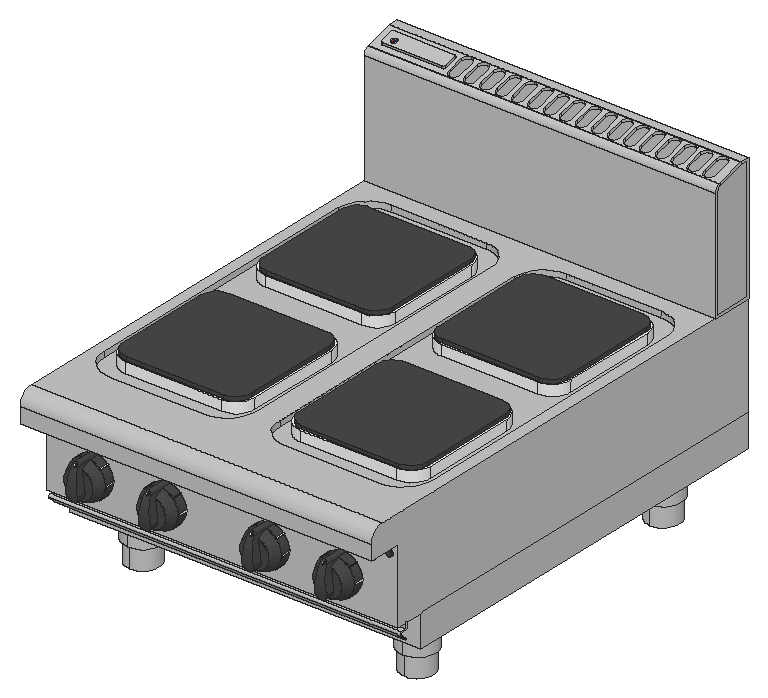
Revit family "QF_Moffat_RN8400SE-B_Electric_Cooktops_Sealed_Hobs_cat", category Specialty Equipment, Revit 2019
Family settings
  Round Connector Dimension = Use Diameter
  Part Type = Normal
  Work Plane-Based = No
  Always vertical = Yes
  Cut with Voids When Loaded = No
  Shared = No
  Room Calculation Point = No
Parameters (values of type "QF_Moffat_RN8400SE-B")
  Weight in Kilograms = 74
  Watts = 9130 W
  Volts = 415 V
  URL Cutsheet = ""
  Specification by User = ""
  Specification by Manufacturer = ""
  Show Logo [instance] = yes
  Show High Back [instance] = yes
  Serial Number = ""
  Seismic Rating = ""
  SMACNA No = ""
  Revision Code = ""
  Phase = 2
  Number of Poles = 1
  NAFEM Spec ID Number = ""
  Model = "RN8400SE-B"
  Min Ckt Ampacity = 0 A
  Max Overcurrent Protection = 0 A
  Masterspec = ""
  Manufacturer = "Moffat"
  Length = 600 mm
  Item Number = ""
  Installed By = ""
  Identify Quantity as Lot = yes
  Height = 530 mm
  HP = ""
  Furnished By = ""
  Foodservice Equipment Identifier = yes
  FL Amps = 22 A
  Electrical Remarks = ""
  Electric Connection Type = ""
  Elec Conn RI Height = 0 mm
  Elec Conn Connection Height = 0 mm
  Description = "Electric Cooktops Sealed Hobs"
  Depth = 805 mm
  Cycle = 60 Hz
  Conn Plug = ""
  Conn Conduit = yes
  CSI MasterFormat = ""
  Apparent Power = if(Phase = 3, Volts * FL Amps * 1.73, Volts * FL Amps)  # 9130 VA
Reference planes
  plane 1 "BACK": y = 0
  plane 2: z = 0
  plane 3 "LEFT": x = 0
  plane 4 "RIGHT": x = 600
  plane 5 "FRONT": y = -805
  plane 6 "TOP": z = 530
  plane 7 "Center Y": x = 300
  plane 8 "Center X": y = -402.5
Dimensions and locks
  equal spacing: plane 3 "LEFT", plane 7 "Center Y", plane 4 "RIGHT"
  "Length": plane 3 "LEFT" to plane 4 "RIGHT"
  equal spacing: plane 5 "FRONT", plane 8 "Center X", plane 1 "BACK"
  "Depth": plane 5 "FRONT" to plane 1 "BACK"
  "Height": plane 6 "TOP" to level
  aligned and locked: level to plane 2
Nested families
  nested 1: "High and Low Option" at (0, 0, -600), High Back <- "Show High Back", Show Logo <- "Show Logo", type "RNLB8610SE"
    with Show Logo 2 yes, Show Logo 1 no, Show Logo yes, Low Back no, High Back yes
  nested 2: "RN8400SE-B" at (0, 0, 0), type "E514S-B"
Connectors
  electrical at (470, -30, 83.4), driven by "Volts", driven by "Watts"
    settings: on nested 2, index 1, voltage 415 V, apparent load 9130 VA, apparent load phase1 0 VA, apparent load phase2 0 VA, apparent load phase3 0 VA, power factor 1, load classification "Other", number of poles 1, system type 30, power factor state 1, is connector primary yes, connector utility no, sub classification motor no, connector description "ELECTRICAL CONNECTION"
Definition of nested family "High and Low Option"
  Parameters (values of type "RNLB8610SE")
    Weight in Kilograms = 0
    Watts = Volts * FL Amps  # 12400 W
    Volts = 400 V
    URL Cutsheet = ""
    Specification by User = ""
    Specification by Manufacturer = ""
    Show Logo 2 [instance] = and(Show Logo, High Back)  # yes
    Show Logo 1 [instance] = and(Show Logo, Low Back)  # yes
    Show Logo [instance] = yes
    Serial Number = ""
    Seismic Rating = ""
    SMACNA No = ""
    Revision Code = ""
    Phase = 3
    Number of Poles = 1
    NAFEM Spec ID Number = ""
    Model = ""
    Min Ckt Ampacity = 0 A
    Max Overcurrent Protection = 0 A
    Masterspec = ""
    Manufacturer = ""
    Low Back [instance] = yes
    Length = 600 mm
    Item Number = ""
    Installed By = ""
    Identify Quantity as Lot = yes
    High Back [instance] = yes
    Height = 970 mm
    HP = ""
    Furnished By = ""
    Foodservice Equipment Identifier = yes
    FL Amps = 31 A
    Electrical Remarks = ""
    Electric Connection Type = ""
    Elec Conn RI Height = 0 mm
    Elec Conn Connection Height = 0 mm
    Description = ""
    Depth = 805 mm
    Cycle = 50 Hz
    Conn Plug = ""
    Conn Conduit = yes
    CSI MasterFormat = ""
    Apparent Power = if(Phase = 3, Volts * FL Amps * 1.73, Volts * FL Amps)  # 21452 VA
  Reference planes
    plane 1 "BACK": y = 0
    plane 2: z = 0
    plane 3 "LEFT": x = 0
    plane 4 "RIGHT": x = 600
    plane 5 "FRONT": y = -805
    plane 6 "TOP": z = 970
    plane 7 "Center Y": x = 300
    plane 8 "Center X": y = -402.5
    plane 9: x = 65.5
    plane 10: x = 834.5
    plane 11: z = 150
    plane 12: z = 675
    plane 13: z = 1130
    plane 14: z = 934.75
    plane 15: z = 915
  Forms (mm)
    Extrusion 1, solid, visible <- "Low Back"
      sketch origin (0, 0, 600) x (0, 1, 0) y (0, 0, 1)
        loop
          line (-70, 315) -> (0, 315) -> (0, 370) -> (-55, 370) -> (-70, 355) -> (-70, 315)
      from 0 to 600
    Extrusion 2, solid, visible <- "High Back"
      sketch origin (0, 0, 0) x (0, 1, 0) y (0, 0, 1)
        loop
          line (-70, 915) -> (0, 915) -> (0, 1130) -> (-15, 1130) -> (-14.143, 1126.8) -> (-3.2, 1126.8) -> (-3.2, 918.2) -> (-66.8, 918.2) -> (-66.8, 1105.938)
          arc (-66.8, 1105.938) -> (-64.972, 1111.307) -> (-60.248, 1114.446) r 8.8
          line (-60.248, 1114.446) -> (-61.106, 1117.646)
          arc (-61.106, 1117.646) -> (-67.52, 1113.36) -> (-70, 1106.055) r 12
          line (-70, 1106.055) -> (-70, 915)
      from 0 to 600
    Extrusion 3, solid, visible <- "High Back"
      sketch origin (0, 0, 0) x (0, 1, 0) y (0, 0, 1)
        loop
          arc (-66.8, 1105.938) -> (-64.982, 1111.295) -> (-60.278, 1114.438) r 8.8
          line (-60.278, 1114.438) -> (-14.143, 1126.8) -> (-3.2, 1126.8) -> (-3.2, 918.2) -> (-66.8, 918.2) -> (-66.8, 1106.055)
      from 0 to 3.2
    Extrusion 4, solid, visible <- "High Back"
      sketch origin (600, 0, 0) x (0, 1, 0) y (0, 0, -1)
        loop
          line (-3.2, -1126.8) -> (-3.2, -918.2) -> (-66.8, -918.2) -> (-66.8, -1105.938)
          arc (-66.8, -1105.938) -> (-64.982, -1111.295) -> (-60.278, -1114.438) r 8.8
          line (-60.278, -1114.438) -> (-14.143, -1126.8) -> (-3.2, -1126.8)
      from 0 to 3.2
    Extrusion 5, solid, visible <- "High Back"
      sketch origin (0, -15, 1130) x (0, -0.965926, -0.258819) y (1, 0, 0)
        loop
          line (47.732, 600) -> (0, 600) -> (0, 0) -> (47.732, 0) -> (47.732, 600)
        loop
          arc (11.379, 149.307) -> (1.379, 139.307) -> (11.379, 129.307) r 10
          line (11.379, 129.307) -> (36.495, 129.307)
          arc (36.495, 129.307) -> (46.495, 139.307) -> (36.495, 149.307) r 10
          line (36.495, 149.307) -> (11.379, 149.307)
        loop
          arc (11.379, 176.588) -> (1.379, 166.588) -> (11.379, 156.588) r 10
          line (11.379, 156.588) -> (36.495, 156.588)
          arc (36.495, 156.588) -> (46.495, 166.588) -> (36.495, 176.588) r 10
          line (36.495, 176.588) -> (11.379, 176.588)
        loop
          arc (11.379, 203.868) -> (1.379, 193.868) -> (11.379, 183.868) r 10
          line (11.379, 183.868) -> (36.495, 183.868)
          arc (36.495, 183.868) -> (46.495, 193.868) -> (36.495, 203.868) r 10
          line (36.495, 203.868) -> (11.379, 203.868)
        loop
          arc (11.379, 231.148) -> (1.379, 221.148) -> (11.379, 211.148) r 10
          line (11.379, 211.148) -> (36.495, 211.148)
          arc (36.495, 211.148) -> (46.495, 221.148) -> (36.495, 231.148) r 10
          line (36.495, 231.148) -> (11.379, 231.148)
        loop
          arc (11.379, 258.428) -> (1.379, 248.428) -> (11.379, 238.428) r 10
          line (11.379, 238.428) -> (36.495, 238.428)
          arc (36.495, 238.428) -> (46.495, 248.428) -> (36.495, 258.428) r 10
          line (36.495, 258.428) -> (11.379, 258.428)
        loop
          arc (11.379, 285.709) -> (1.379, 275.709) -> (11.379, 265.709) r 10
          line (11.379, 265.709) -> (36.495, 265.709)
          arc (36.495, 265.709) -> (46.495, 275.709) -> (36.495, 285.709) r 10
          line (36.495, 285.709) -> (11.379, 285.709)
        loop
          arc (11.379, 312.989) -> (1.379, 302.989) -> (11.379, 292.989) r 10
          line (11.379, 292.989) -> (36.495, 292.989)
          arc (36.495, 292.989) -> (46.495, 302.989) -> (36.495, 312.989) r 10
          line (36.495, 312.989) -> (11.379, 312.989)
        loop
          arc (11.379, 340.269) -> (1.379, 330.269) -> (11.379, 320.269) r 10
          line (11.379, 320.269) -> (36.495, 320.269)
          arc (36.495, 320.269) -> (46.495, 330.269) -> (36.495, 340.269) r 10
          line (36.495, 340.269) -> (11.379, 340.269)
        loop
          arc (11.379, 367.549) -> (1.379, 357.549) -> (11.379, 347.549) r 10
          line (11.379, 347.549) -> (36.495, 347.549)
          arc (36.495, 347.549) -> (46.495, 357.549) -> (36.495, 367.549) r 10
          line (36.495, 367.549) -> (11.379, 367.549)
        loop
          arc (11.379, 394.829) -> (1.379, 384.829) -> (11.379, 374.829) r 10
          line (11.379, 374.829) -> (36.495, 374.829)
          arc (36.495, 374.829) -> (46.495, 384.829) -> (36.495, 394.829) r 10
          line (36.495, 394.829) -> (11.379, 394.829)
        loop
          arc (11.379, 422.11) -> (1.379, 412.11) -> (11.379, 402.11) r 10
          line (11.379, 402.11) -> (36.495, 402.11)
          arc (36.495, 402.11) -> (46.495, 412.11) -> (36.495, 422.11) r 10
          line (36.495, 422.11) -> (11.379, 422.11)
        loop
          arc (11.379, 449.39) -> (1.379, 439.39) -> (11.379, 429.39) r 10
          line (11.379, 429.39) -> (36.495, 429.39)
          arc (36.495, 429.39) -> (46.495, 439.39) -> (36.495, 449.39) r 10
          line (36.495, 449.39) -> (11.379, 449.39)
        loop
          arc (11.379, 476.67) -> (1.379, 466.67) -> (11.379, 456.67) r 10
          line (11.379, 456.67) -> (36.495, 456.67)
          arc (36.495, 456.67) -> (46.495, 466.67) -> (36.495, 476.67) r 10
          line (36.495, 476.67) -> (11.379, 476.67)
        loop
          arc (11.379, 503.95) -> (1.379, 493.95) -> (11.379, 483.95) r 10
          line (11.379, 483.95) -> (36.495, 483.95)
          arc (36.495, 483.95) -> (46.495, 493.95) -> (36.495, 503.95) r 10
          line (36.495, 503.95) -> (11.379, 503.95)
        loop
          arc (11.379, 531.23) -> (1.379, 521.23) -> (11.379, 511.23) r 10
          line (11.379, 511.23) -> (36.495, 511.23)
          arc (36.495, 511.23) -> (46.495, 521.23) -> (36.495, 531.23) r 10
          line (36.495, 531.23) -> (11.379, 531.23)
        loop
          arc (11.379, 558.511) -> (1.379, 548.511) -> (11.379, 538.511) r 10
          line (11.379, 538.511) -> (36.495, 538.511)
          arc (36.495, 538.511) -> (46.495, 548.511) -> (36.495, 558.511) r 10
          line (36.495, 558.511) -> (11.379, 558.511)
        loop
          arc (11.379, 585.791) -> (1.379, 575.791) -> (11.379, 565.791) r 10
          line (11.379, 565.791) -> (36.495, 565.791)
          arc (36.495, 565.791) -> (46.495, 575.791) -> (36.495, 585.791) r 10
          line (36.495, 585.791) -> (11.379, 585.791)
      from 0 to -3.313
    Extrusion 6, solid, visible <- "Low Back", not visible
      sketch origin (0, 0, 600) x (0, 1, 0) y (0, 0, 1)
        loop
          line (-70, 315) -> (0, 315) -> (0, 370) -> (-55, 370) -> (-70, 355) -> (-70, 315)
      from 0 to 600
    Extrusion 7, solid, visible <- "High Back", not visible
      sketch origin (0, 0, 0) x (0, 1, 0) y (0, 0, 1)
        loop
          line (-70, 915) -> (0, 915) -> (0, 1130) -> (-15, 1130) -> (-14.143, 1126.8) -> (-3.2, 1126.8) -> (-3.2, 918.2) -> (-66.8, 918.2) -> (-66.8, 1105.938)
          arc (-66.8, 1105.938) -> (-64.972, 1111.307) -> (-60.248, 1114.446) r 8.8
          line (-60.248, 1114.446) -> (-61.106, 1117.646)
          arc (-61.106, 1117.646) -> (-67.52, 1113.36) -> (-70, 1106.055) r 12
          line (-70, 1106.055) -> (-70, 915)
      from 0 to 600
    Extrusion 8, solid, visible <- "High Back", not visible
      sketch origin (0, 0, 0) x (0, 1, 0) y (0, 0, 1)
        loop
          arc (-66.8, 1105.938) -> (-64.982, 1111.295) -> (-60.278, 1114.438) r 8.8
          line (-60.278, 1114.438) -> (-14.143, 1126.8) -> (-3.2, 1126.8) -> (-3.2, 918.2) -> (-66.8, 918.2) -> (-66.8, 1106.055)
      from 0 to 3.2
    Extrusion 9, solid, visible <- "High Back", not visible
      sketch origin (600, 0, 0) x (0, 1, 0) y (0, 0, -1)
        loop
          line (-3.2, -1126.8) -> (-3.2, -918.2) -> (-66.8, -918.2) -> (-66.8, -1105.938)
          arc (-66.8, -1105.938) -> (-64.982, -1111.295) -> (-60.278, -1114.438) r 8.8
          line (-60.278, -1114.438) -> (-14.143, -1126.8) -> (-3.2, -1126.8)
      from 0 to 3.2
    Extrusion 10, solid, visible <- "High Back", not visible
      sketch origin (0, -15, 1130) x (0, -0.965926, -0.258819) y (1, 0, 0)
        loop
          line (47.732, 600) -> (0, 600) -> (0, 0) -> (47.732, 0) -> (47.732, 600)
        loop
          arc (11.379, 149.307) -> (1.379, 139.307) -> (11.379, 129.307) r 10
          line (11.379, 129.307) -> (36.495, 129.307)
          arc (36.495, 129.307) -> (46.495, 139.307) -> (36.495, 149.307) r 10
          line (36.495, 149.307) -> (11.379, 149.307)
        loop
          arc (11.379, 176.588) -> (1.379, 166.588) -> (11.379, 156.588) r 10
          line (11.379, 156.588) -> (36.495, 156.588)
          arc (36.495, 156.588) -> (46.495, 166.588) -> (36.495, 176.588) r 10
          line (36.495, 176.588) -> (11.379, 176.588)
        loop
          arc (11.379, 203.868) -> (1.379, 193.868) -> (11.379, 183.868) r 10
          line (11.379, 183.868) -> (36.495, 183.868)
          arc (36.495, 183.868) -> (46.495, 193.868) -> (36.495, 203.868) r 10
          line (36.495, 203.868) -> (11.379, 203.868)
        loop
          arc (11.379, 231.148) -> (1.379, 221.148) -> (11.379, 211.148) r 10
          line (11.379, 211.148) -> (36.495, 211.148)
          arc (36.495, 211.148) -> (46.495, 221.148) -> (36.495, 231.148) r 10
          line (36.495, 231.148) -> (11.379, 231.148)
        loop
          arc (11.379, 258.428) -> (1.379, 248.428) -> (11.379, 238.428) r 10
          line (11.379, 238.428) -> (36.495, 238.428)
          arc (36.495, 238.428) -> (46.495, 248.428) -> (36.495, 258.428) r 10
          line (36.495, 258.428) -> (11.379, 258.428)
        loop
          arc (11.379, 285.709) -> (1.379, 275.709) -> (11.379, 265.709) r 10
          line (11.379, 265.709) -> (36.495, 265.709)
          arc (36.495, 265.709) -> (46.495, 275.709) -> (36.495, 285.709) r 10
          line (36.495, 285.709) -> (11.379, 285.709)
        loop
          arc (11.379, 312.989) -> (1.379, 302.989) -> (11.379, 292.989) r 10
          line (11.379, 292.989) -> (36.495, 292.989)
          arc (36.495, 292.989) -> (46.495, 302.989) -> (36.495, 312.989) r 10
          line (36.495, 312.989) -> (11.379, 312.989)
        loop
          arc (11.379, 340.269) -> (1.379, 330.269) -> (11.379, 320.269) r 10
          line (11.379, 320.269) -> (36.495, 320.269)
          arc (36.495, 320.269) -> (46.495, 330.269) -> (36.495, 340.269) r 10
          line (36.495, 340.269) -> (11.379, 340.269)
        loop
          arc (11.379, 367.549) -> (1.379, 357.549) -> (11.379, 347.549) r 10
          line (11.379, 347.549) -> (36.495, 347.549)
          arc (36.495, 347.549) -> (46.495, 357.549) -> (36.495, 367.549) r 10
          line (36.495, 367.549) -> (11.379, 367.549)
        loop
          arc (11.379, 394.829) -> (1.379, 384.829) -> (11.379, 374.829) r 10
          line (11.379, 374.829) -> (36.495, 374.829)
          arc (36.495, 374.829) -> (46.495, 384.829) -> (36.495, 394.829) r 10
          line (36.495, 394.829) -> (11.379, 394.829)
        loop
          arc (11.379, 422.11) -> (1.379, 412.11) -> (11.379, 402.11) r 10
          line (11.379, 402.11) -> (36.495, 402.11)
          arc (36.495, 402.11) -> (46.495, 412.11) -> (36.495, 422.11) r 10
          line (36.495, 422.11) -> (11.379, 422.11)
        loop
          arc (11.379, 449.39) -> (1.379, 439.39) -> (11.379, 429.39) r 10
          line (11.379, 429.39) -> (36.495, 429.39)
          arc (36.495, 429.39) -> (46.495, 439.39) -> (36.495, 449.39) r 10
          line (36.495, 449.39) -> (11.379, 449.39)
        loop
          arc (11.379, 476.67) -> (1.379, 466.67) -> (11.379, 456.67) r 10
          line (11.379, 456.67) -> (36.495, 456.67)
          arc (36.495, 456.67) -> (46.495, 466.67) -> (36.495, 476.67) r 10
          line (36.495, 476.67) -> (11.379, 476.67)
        loop
          arc (11.379, 503.95) -> (1.379, 493.95) -> (11.379, 483.95) r 10
          line (11.379, 483.95) -> (36.495, 483.95)
          arc (36.495, 483.95) -> (46.495, 493.95) -> (36.495, 503.95) r 10
          line (36.495, 503.95) -> (11.379, 503.95)
        loop
          arc (11.379, 531.23) -> (1.379, 521.23) -> (11.379, 511.23) r 10
          line (11.379, 511.23) -> (36.495, 511.23)
          arc (36.495, 511.23) -> (46.495, 521.23) -> (36.495, 531.23) r 10
          line (36.495, 531.23) -> (11.379, 531.23)
        loop
          arc (11.379, 558.511) -> (1.379, 548.511) -> (11.379, 538.511) r 10
          line (11.379, 538.511) -> (36.495, 538.511)
          arc (36.495, 538.511) -> (46.495, 548.511) -> (36.495, 558.511) r 10
          line (36.495, 558.511) -> (11.379, 558.511)
        loop
          arc (11.379, 585.791) -> (1.379, 575.791) -> (11.379, 565.791) r 10
          line (11.379, 565.791) -> (36.495, 565.791)
          arc (36.495, 565.791) -> (46.495, 575.791) -> (36.495, 585.791) r 10
          line (36.495, 585.791) -> (11.379, 585.791)
      from 0 to -3.313
  Lines and regions (mm)
    symbolic lines
      curve 1: line (0, -71.587, 946.25) -> (0, -71.587, 923.25)
      curve 2: line (0, 0, 0) -> (600, 0, 0)
      curve 3: line (0, -70, 0) -> (0, 0, 0)
      curve 4: line (600, -70, 0) -> (0, -70, 0)
      curve 5: line (600, 0, 0) -> (600, -70, 0)
      curve 6: line (129.307, -50.251, 0) -> (129.307, -25.991, 0)
      curve 7: spline (129.307, -25.991, 0) -> (129.648, -23.491, 0) -> (130.647, -21.162, 0) -> (132.236, -19.161, 0) -> (134.307, -17.626, 0) -> (136.719, -16.661, 0) -> (139.307, -16.332, 0) -> (141.896, -16.661, 0) -> (144.307, -17.626, 0) -> (146.379, -19.161, 0) -> (147.968, -21.162, 0) -> (148.967, -23.491, 0) -> (149.307, -25.991, 0)
      curve 8: line (149.307, -25.991, 0) -> (149.307, -50.251, 0)
      curve 9: spline (149.307, -50.251, 0) -> (148.967, -52.751, 0) -> (147.968, -55.081, 0) -> (146.379, -57.081, 0) -> (144.307, -58.616, 0) -> (141.896, -59.581, 0) -> (139.307, -59.91, 0) -> (136.719, -59.581, 0) -> (134.307, -58.616, 0) -> (132.236, -57.081, 0) -> (130.647, -55.081, 0) -> (129.648, -52.751, 0) -> (129.307, -50.251, 0)
      curve 10: line (156.588, -50.251, 0) -> (156.588, -25.991, 0)
      curve 11: spline (156.588, -25.991, 0) -> (156.928, -23.491, 0) -> (157.927, -21.162, 0) -> (159.517, -19.161, 0) -> (161.588, -17.626, 0) -> (164, -16.661, 0) -> (166.588, -16.332, 0) -> (169.176, -16.661, 0) -> (171.588, -17.626, 0) -> (173.659, -19.161, 0) -> (175.248, -21.162, 0) -> (176.247, -23.491, 0) -> (176.588, -25.991, 0)
      curve 12: line (176.588, -25.991, 0) -> (176.588, -50.251, 0)
      curve 13: spline (176.588, -50.251, 0) -> (176.247, -52.751, 0) -> (175.248, -55.081, 0) -> (173.659, -57.081, 0) -> (171.588, -58.616, 0) -> (169.176, -59.581, 0) -> (166.588, -59.91, 0) -> (164, -59.581, 0) -> (161.588, -58.616, 0) -> (159.517, -57.081, 0) -> (157.927, -55.081, 0) -> (156.928, -52.751, 0) -> (156.588, -50.251, 0)
      curve 14: line (183.868, -50.251, 0) -> (183.868, -25.991, 0)
      curve 15: spline (183.868, -25.991, 0) -> (184.209, -23.491, 0) -> (185.208, -21.162, 0) -> (186.797, -19.161, 0) -> (188.868, -17.626, 0) -> (191.28, -16.661, 0) -> (193.868, -16.332, 0) -> (196.456, -16.661, 0) -> (198.868, -17.626, 0) -> (200.939, -19.161, 0) -> (202.528, -21.162, 0) -> (203.527, -23.491, 0) -> (203.868, -25.991, 0)
      curve 16: line (203.868, -25.991, 0) -> (203.868, -50.251, 0)
      curve 17: spline (203.868, -50.251, 0) -> (203.527, -52.751, 0) -> (202.528, -55.081, 0) -> (200.939, -57.081, 0) -> (198.868, -58.616, 0) -> (196.456, -59.581, 0) -> (193.868, -59.91, 0) -> (191.28, -59.581, 0) -> (188.868, -58.616, 0) -> (186.797, -57.081, 0) -> (185.208, -55.081, 0) -> (184.209, -52.751, 0) -> (183.868, -50.251, 0)
      curve 18: line (211.148, -50.251, 0) -> (211.148, -25.991, 0)
      curve 19: spline (211.148, -25.991, 0) -> (211.489, -23.491, 0) -> (212.488, -21.162, 0) -> (214.077, -19.161, 0) -> (216.148, -17.626, 0) -> (218.56, -16.661, 0) -> (221.148, -16.332, 0) -> (223.736, -16.661, 0) -> (226.148, -17.626, 0) -> (228.219, -19.161, 0) -> (229.808, -21.162, 0) -> (230.807, -23.491, 0) -> (231.148, -25.991, 0)
      curve 20: line (231.148, -25.991, 0) -> (231.148, -50.251, 0)
      curve 21: spline (231.148, -50.251, 0) -> (230.807, -52.751, 0) -> (229.808, -55.081, 0) -> (228.219, -57.081, 0) -> (226.148, -58.616, 0) -> (223.736, -59.581, 0) -> (221.148, -59.91, 0) -> (218.56, -59.581, 0) -> (216.148, -58.616, 0) -> (214.077, -57.081, 0) -> (212.488, -55.081, 0) -> (211.489, -52.751, 0) -> (211.148, -50.251, 0)
      curve 22: line (238.428, -50.251, 0) -> (238.428, -25.991, 0)
      curve 23: spline (238.428, -25.991, 0) -> (238.769, -23.491, 0) -> (239.768, -21.162, 0) -> (241.357, -19.161, 0) -> (243.428, -17.626, 0) -> (245.84, -16.661, 0) -> (248.428, -16.332, 0) -> (251.017, -16.661, 0) -> (253.428, -17.626, 0) -> (255.499, -19.161, 0) -> (257.089, -21.162, 0) -> (258.088, -23.491, 0) -> (258.428, -25.991, 0)
      curve 24: line (258.428, -25.991, 0) -> (258.428, -50.251, 0)
      curve 25: spline (258.428, -50.251, 0) -> (258.088, -52.751, 0) -> (257.089, -55.081, 0) -> (255.499, -57.081, 0) -> (253.428, -58.616, 0) -> (251.017, -59.581, 0) -> (248.428, -59.91, 0) -> (245.84, -59.581, 0) -> (243.428, -58.616, 0) -> (241.357, -57.081, 0) -> (239.768, -55.081, 0) -> (238.769, -52.751, 0) -> (238.428, -50.251, 0)
      curve 26: line (265.709, -50.251, 0) -> (265.709, -25.991, 0)
      curve 27: spline (265.709, -25.991, 0) -> (266.049, -23.491, 0) -> (267.048, -21.162, 0) -> (268.637, -19.161, 0) -> (270.709, -17.626, 0) -> (273.12, -16.661, 0) -> (275.709, -16.332, 0) -> (278.297, -16.661, 0) -> (280.709, -17.626, 0) -> (282.78, -19.161, 0) -> (284.369, -21.162, 0) -> (285.368, -23.491, 0) -> (285.709, -25.991, 0)
      curve 28: line (285.709, -25.991, 0) -> (285.709, -50.251, 0)
      curve 29: spline (285.709, -50.251, 0) -> (285.368, -52.751, 0) -> (284.369, -55.081, 0) -> (282.78, -57.081, 0) -> (280.709, -58.616, 0) -> (278.297, -59.581, 0) -> (275.709, -59.91, 0) -> (273.12, -59.581, 0) -> (270.709, -58.616, 0) -> (268.637, -57.081, 0) -> (267.048, -55.081, 0) -> (266.049, -52.751, 0) -> (265.709, -50.251, 0)
      curve 30: line (292.989, -50.251, 0) -> (292.989, -25.991, 0)
      curve 31: spline (292.989, -25.991, 0) -> (293.329, -23.491, 0) -> (294.329, -21.162, 0) -> (295.918, -19.161, 0) -> (297.989, -17.626, 0) -> (300.401, -16.661, 0) -> (302.989, -16.332, 0) -> (305.577, -16.661, 0) -> (307.989, -17.626, 0) -> (310.06, -19.161, 0) -> (311.649, -21.162, 0) -> (312.648, -23.491, 0) -> (312.989, -25.991, 0)
      curve 32: line (312.989, -25.991, 0) -> (312.989, -50.251, 0)
      curve 33: spline (312.989, -50.251, 0) -> (312.648, -52.751, 0) -> (311.649, -55.081, 0) -> (310.06, -57.081, 0) -> (307.989, -58.616, 0) -> (305.577, -59.581, 0) -> (302.989, -59.91, 0) -> (300.401, -59.581, 0) -> (297.989, -58.616, 0) -> (295.918, -57.081, 0) -> (294.329, -55.081, 0) -> (293.329, -52.751, 0) -> (292.989, -50.251, 0)
      curve 34: line (320.269, -50.251, 0) -> (320.269, -25.991, 0)
      curve 35: spline (320.269, -25.991, 0) -> (320.61, -23.491, 0) -> (321.609, -21.162, 0) -> (323.198, -19.161, 0) -> (325.269, -17.626, 0) -> (327.681, -16.661, 0) -> (330.269, -16.332, 0) -> (332.857, -16.661, 0) -> (335.269, -17.626, 0) -> (337.34, -19.161, 0) -> (338.929, -21.162, 0) -> (339.928, -23.491, 0) -> (340.269, -25.991, 0)
      curve 36: line (340.269, -25.991, 0) -> (340.269, -50.251, 0)
      curve 37: spline (340.269, -50.251, 0) -> (339.928, -52.751, 0) -> (338.929, -55.081, 0) -> (337.34, -57.081, 0) -> (335.269, -58.616, 0) -> (332.857, -59.581, 0) -> (330.269, -59.91, 0) -> (327.681, -59.581, 0) -> (325.269, -58.616, 0) -> (323.198, -57.081, 0) -> (321.609, -55.081, 0) -> (320.61, -52.751, 0) -> (320.269, -50.251, 0)
      curve 38: line (347.549, -50.251, 0) -> (347.549, -25.991, 0)
      curve 39: spline (347.549, -25.991, 0) -> (347.89, -23.491, 0) -> (348.889, -21.162, 0) -> (350.478, -19.161, 0) -> (352.549, -17.626, 0) -> (354.961, -16.661, 0) -> (357.549, -16.332, 0) -> (360.137, -16.661, 0) -> (362.549, -17.626, 0) -> (364.62, -19.161, 0) -> (366.209, -21.162, 0) -> (367.208, -23.491, 0) -> (367.549, -25.991, 0)
      curve 40: line (367.549, -25.991, 0) -> (367.549, -50.251, 0)
      curve 41: spline (367.549, -50.251, 0) -> (367.208, -52.751, 0) -> (366.209, -55.081, 0) -> (364.62, -57.081, 0) -> (362.549, -58.616, 0) -> (360.137, -59.581, 0) -> (357.549, -59.91, 0) -> (354.961, -59.581, 0) -> (352.549, -58.616, 0) -> (350.478, -57.081, 0) -> (348.889, -55.081, 0) -> (347.89, -52.751, 0) -> (347.549, -50.251, 0)
      curve 42: line (374.829, -50.251, 0) -> (374.829, -25.991, 0)
      curve 43: spline (374.829, -25.991, 0) -> (375.17, -23.491, 0) -> (376.169, -21.162, 0) -> (377.758, -19.161, 0) -> (379.829, -17.626, 0) -> (382.241, -16.661, 0) -> (384.829, -16.332, 0) -> (387.418, -16.661, 0) -> (389.829, -17.626, 0) -> (391.9, -19.161, 0) -> (393.49, -21.162, 0) -> (394.489, -23.491, 0) -> (394.829, -25.991, 0)
      curve 44: line (394.829, -25.991, 0) -> (394.829, -50.251, 0)
      curve 45: spline (394.829, -50.251, 0) -> (394.489, -52.751, 0) -> (393.49, -55.081, 0) -> (391.9, -57.081, 0) -> (389.829, -58.616, 0) -> (387.418, -59.581, 0) -> (384.829, -59.91, 0) -> (382.241, -59.581, 0) -> (379.829, -58.616, 0) -> (377.758, -57.081, 0) -> (376.169, -55.081, 0) -> (375.17, -52.751, 0) -> (374.829, -50.251, 0)
      curve 46: line (402.11, -50.251, 0) -> (402.11, -25.991, 0)
      curve 47: spline (402.11, -25.991, 0) -> (402.45, -23.491, 0) -> (403.449, -21.162, 0) -> (405.039, -19.161, 0) -> (407.11, -17.626, 0) -> (409.521, -16.661, 0) -> (412.11, -16.332, 0) -> (414.698, -16.661, 0) -> (417.11, -17.626, 0) -> (419.181, -19.161, 0) -> (420.77, -21.162, 0) -> (421.769, -23.491, 0) -> (422.11, -25.991, 0)
      curve 48: line (422.11, -25.991, 0) -> (422.11, -50.251, 0)
      curve 49: spline (422.11, -50.251, 0) -> (421.769, -52.751, 0) -> (420.77, -55.081, 0) -> (419.181, -57.081, 0) -> (417.11, -58.616, 0) -> (414.698, -59.581, 0) -> (412.11, -59.91, 0) -> (409.521, -59.581, 0) -> (407.11, -58.616, 0) -> (405.039, -57.081, 0) -> (403.449, -55.081, 0) -> (402.45, -52.751, 0) -> (402.11, -50.251, 0)
      curve 50: line (429.39, -50.251, 0) -> (429.39, -25.991, 0)
      curve 51: spline (429.39, -25.991, 0) -> (429.731, -23.491, 0) -> (430.73, -21.162, 0) -> (432.319, -19.161, 0) -> (434.39, -17.626, 0) -> (436.802, -16.661, 0) -> (439.39, -16.332, 0) -> (441.978, -16.661, 0) -> (444.39, -17.626, 0) -> (446.461, -19.161, 0) -> (448.05, -21.162, 0) -> (449.049, -23.491, 0) -> (449.39, -25.991, 0)
      curve 52: line (449.39, -25.991, 0) -> (449.39, -50.251, 0)
      curve 53: spline (449.39, -50.251, 0) -> (449.049, -52.751, 0) -> (448.05, -55.081, 0) -> (446.461, -57.081, 0) -> (444.39, -58.616, 0) -> (441.978, -59.581, 0) -> (439.39, -59.91, 0) -> (436.802, -59.581, 0) -> (434.39, -58.616, 0) -> (432.319, -57.081, 0) -> (430.73, -55.081, 0) -> (429.731, -52.751, 0) -> (429.39, -50.251, 0)
      curve 54: line (456.67, -50.251, 0) -> (456.67, -25.991, 0)
      curve 55: spline (456.67, -25.991, 0) -> (457.011, -23.491, 0) -> (458.01, -21.162, 0) -> (459.599, -19.161, 0) -> (461.67, -17.626, 0) -> (464.082, -16.661, 0) -> (466.67, -16.332, 0) -> (469.258, -16.661, 0) -> (471.67, -17.626, 0) -> (473.741, -19.161, 0) -> (475.33, -21.162, 0) -> (476.329, -23.491, 0) -> (476.67, -25.991, 0)
      curve 56: line (476.67, -25.991, 0) -> (476.67, -50.251, 0)
      curve 57: spline (476.67, -50.251, 0) -> (476.329, -52.751, 0) -> (475.33, -55.081, 0) -> (473.741, -57.081, 0) -> (471.67, -58.616, 0) -> (469.258, -59.581, 0) -> (466.67, -59.91, 0) -> (464.082, -59.581, 0) -> (461.67, -58.616, 0) -> (459.599, -57.081, 0) -> (458.01, -55.081, 0) -> (457.011, -52.751, 0) -> (456.67, -50.251, 0)
      curve 58: line (483.95, -50.251, 0) -> (483.95, -25.991, 0)
      curve 59: spline (483.95, -25.991, 0) -> (484.291, -23.491, 0) -> (485.29, -21.162, 0) -> (486.879, -19.161, 0) -> (488.95, -17.626, 0) -> (491.362, -16.661, 0) -> (493.95, -16.332, 0) -> (496.538, -16.661, 0) -> (498.95, -17.626, 0) -> (501.021, -19.161, 0) -> (502.61, -21.162, 0) -> (503.609, -23.491, 0) -> (503.95, -25.991, 0)
      curve 60: line (503.95, -25.991, 0) -> (503.95, -50.251, 0)
      curve 61: spline (503.95, -50.251, 0) -> (503.609, -52.751, 0) -> (502.61, -55.081, 0) -> (501.021, -57.081, 0) -> (498.95, -58.616, 0) -> (496.538, -59.581, 0) -> (493.95, -59.91, 0) -> (491.362, -59.581, 0) -> (488.95, -58.616, 0) -> (486.879, -57.081, 0) -> (485.29, -55.081, 0) -> (484.291, -52.751, 0) -> (483.95, -50.251, 0)
      curve 62: line (511.23, -50.251, 0) -> (511.23, -25.991, 0)
      curve 63: spline (511.23, -25.991, 0) -> (511.571, -23.491, 0) -> (512.57, -21.162, 0) -> (514.159, -19.161, 0) -> (516.23, -17.626, 0) -> (518.642, -16.661, 0) -> (521.23, -16.332, 0) -> (523.819, -16.661, 0) -> (526.23, -17.626, 0) -> (528.302, -19.161, 0) -> (529.891, -21.162, 0) -> (530.89, -23.491, 0) -> (531.23, -25.991, 0)
      curve 64: line (531.23, -25.991, 0) -> (531.23, -50.251, 0)
      curve 65: spline (531.23, -50.251, 0) -> (530.89, -52.751, 0) -> (529.891, -55.081, 0) -> (528.302, -57.081, 0) -> (526.23, -58.616, 0) -> (523.819, -59.581, 0) -> (521.23, -59.91, 0) -> (518.642, -59.581, 0) -> (516.23, -58.616, 0) -> (514.159, -57.081, 0) -> (512.57, -55.081, 0) -> (511.571, -52.751, 0) -> (511.23, -50.251, 0)
      curve 66: line (538.511, -50.251, 0) -> (538.511, -25.991, 0)
      curve 67: spline (538.511, -25.991, 0) -> (538.851, -23.491, 0) -> (539.85, -21.162, 0) -> (541.44, -19.161, 0) -> (543.511, -17.626, 0) -> (545.922, -16.661, 0) -> (548.511, -16.332, 0) -> (551.099, -16.661, 0) -> (553.511, -17.626, 0) -> (555.582, -19.161, 0) -> (557.171, -21.162, 0) -> (558.17, -23.491, 0) -> (558.511, -25.991, 0)
      curve 68: line (558.511, -25.991, 0) -> (558.511, -50.251, 0)
      curve 69: spline (558.511, -50.251, 0) -> (558.17, -52.751, 0) -> (557.171, -55.081, 0) -> (555.582, -57.081, 0) -> (553.511, -58.616, 0) -> (551.099, -59.581, 0) -> (548.511, -59.91, 0) -> (545.922, -59.581, 0) -> (543.511, -58.616, 0) -> (541.44, -57.081, 0) -> (539.85, -55.081, 0) -> (538.851, -52.751, 0) -> (538.511, -50.251, 0)
      curve 70: line (565.791, -50.251, 0) -> (565.791, -25.991, 0)
      curve 71: spline (565.791, -25.991, 0) -> (566.132, -23.491, 0) -> (567.131, -21.162, 0) -> (568.72, -19.161, 0) -> (570.791, -17.626, 0) -> (573.203, -16.661, 0) -> (575.791, -16.332, 0) -> (578.379, -16.661, 0) -> (580.791, -17.626, 0) -> (582.862, -19.161, 0) -> (584.451, -21.162, 0) -> (585.45, -23.491, 0) -> (585.791, -25.991, 0)
      curve 72: line (585.791, -25.991, 0) -> (585.791, -50.251, 0)
      curve 73: spline (585.791, -50.251, 0) -> (585.45, -52.751, 0) -> (584.451, -55.081, 0) -> (582.862, -57.081, 0) -> (580.791, -58.616, 0) -> (578.379, -59.581, 0) -> (575.791, -59.91, 0) -> (573.203, -59.581, 0) -> (570.791, -58.616, 0) -> (568.72, -57.081, 0) -> (567.131, -55.081, 0) -> (566.132, -52.751, 0) -> (565.791, -50.251, 0)
      curve 146: line (0, 0, 0) -> (600, 0, 0)
      curve 147: line (0, -70, 0) -> (0, 0, 0)
      curve 148: line (600, -70, 0) -> (0, -70, 0)
      curve 149: line (600, 0, 0) -> (600, -70, 0)
    symbolic lines, not visible
      curve 74: line (0, 0, 0) -> (600, 0, 0)
      curve 75: line (0, -70, 0) -> (0, 0, 0)
      curve 76: line (600, -70, 0) -> (0, -70, 0)
      curve 77: line (600, 0, 0) -> (600, -70, 0)
      curve 78: line (129.307, -50.251, 0) -> (129.307, -25.991, 0)
      curve 79: spline (129.307, -25.991, 0) -> (129.648, -23.491, 0) -> (130.647, -21.162, 0) -> (132.236, -19.161, 0) -> (134.307, -17.626, 0) -> (136.719, -16.661, 0) -> (139.307, -16.332, 0) -> (141.896, -16.661, 0) -> (144.307, -17.626, 0) -> (146.379, -19.161, 0) -> (147.968, -21.162, 0) -> (148.967, -23.491, 0) -> (149.307, -25.991, 0)
      curve 80: line (149.307, -25.991, 0) -> (149.307, -50.251, 0)
      curve 81: spline (149.307, -50.251, 0) -> (148.967, -52.751, 0) -> (147.968, -55.081, 0) -> (146.379, -57.081, 0) -> (144.307, -58.616, 0) -> (141.896, -59.581, 0) -> (139.307, -59.91, 0) -> (136.719, -59.581, 0) -> (134.307, -58.616, 0) -> (132.236, -57.081, 0) -> (130.647, -55.081, 0) -> (129.648, -52.751, 0) -> (129.307, -50.251, 0)
      curve 82: line (156.588, -50.251, 0) -> (156.588, -25.991, 0)
      curve 83: spline (156.588, -25.991, 0) -> (156.928, -23.491, 0) -> (157.927, -21.162, 0) -> (159.517, -19.161, 0) -> (161.588, -17.626, 0) -> (164, -16.661, 0) -> (166.588, -16.332, 0) -> (169.176, -16.661, 0) -> (171.588, -17.626, 0) -> (173.659, -19.161, 0) -> (175.248, -21.162, 0) -> (176.247, -23.491, 0) -> (176.588, -25.991, 0)
      curve 84: line (176.588, -25.991, 0) -> (176.588, -50.251, 0)
      curve 85: spline (176.588, -50.251, 0) -> (176.247, -52.751, 0) -> (175.248, -55.081, 0) -> (173.659, -57.081, 0) -> (171.588, -58.616, 0) -> (169.176, -59.581, 0) -> (166.588, -59.91, 0) -> (164, -59.581, 0) -> (161.588, -58.616, 0) -> (159.517, -57.081, 0) -> (157.927, -55.081, 0) -> (156.928, -52.751, 0) -> (156.588, -50.251, 0)
      curve 86: line (183.868, -50.251, 0) -> (183.868, -25.991, 0)
      curve 87: spline (183.868, -25.991, 0) -> (184.209, -23.491, 0) -> (185.208, -21.162, 0) -> (186.797, -19.161, 0) -> (188.868, -17.626, 0) -> (191.28, -16.661, 0) -> (193.868, -16.332, 0) -> (196.456, -16.661, 0) -> (198.868, -17.626, 0) -> (200.939, -19.161, 0) -> (202.528, -21.162, 0) -> (203.527, -23.491, 0) -> (203.868, -25.991, 0)
      curve 88: line (203.868, -25.991, 0) -> (203.868, -50.251, 0)
      curve 89: spline (203.868, -50.251, 0) -> (203.527, -52.751, 0) -> (202.528, -55.081, 0) -> (200.939, -57.081, 0) -> (198.868, -58.616, 0) -> (196.456, -59.581, 0) -> (193.868, -59.91, 0) -> (191.28, -59.581, 0) -> (188.868, -58.616, 0) -> (186.797, -57.081, 0) -> (185.208, -55.081, 0) -> (184.209, -52.751, 0) -> (183.868, -50.251, 0)
      curve 90: line (211.148, -50.251, 0) -> (211.148, -25.991, 0)
      curve 91: spline (211.148, -25.991, 0) -> (211.489, -23.491, 0) -> (212.488, -21.162, 0) -> (214.077, -19.161, 0) -> (216.148, -17.626, 0) -> (218.56, -16.661, 0) -> (221.148, -16.332, 0) -> (223.736, -16.661, 0) -> (226.148, -17.626, 0) -> (228.219, -19.161, 0) -> (229.808, -21.162, 0) -> (230.807, -23.491, 0) -> (231.148, -25.991, 0)
      curve 92: line (231.148, -25.991, 0) -> (231.148, -50.251, 0)
      curve 93: spline (231.148, -50.251, 0) -> (230.807, -52.751, 0) -> (229.808, -55.081, 0) -> (228.219, -57.081, 0) -> (226.148, -58.616, 0) -> (223.736, -59.581, 0) -> (221.148, -59.91, 0) -> (218.56, -59.581, 0) -> (216.148, -58.616, 0) -> (214.077, -57.081, 0) -> (212.488, -55.081, 0) -> (211.489, -52.751, 0) -> (211.148, -50.251, 0)
      curve 94: line (238.428, -50.251, 0) -> (238.428, -25.991, 0)
      curve 95: spline (238.428, -25.991, 0) -> (238.769, -23.491, 0) -> (239.768, -21.162, 0) -> (241.357, -19.161, 0) -> (243.428, -17.626, 0) -> (245.84, -16.661, 0) -> (248.428, -16.332, 0) -> (251.017, -16.661, 0) -> (253.428, -17.626, 0) -> (255.499, -19.161, 0) -> (257.089, -21.162, 0) -> (258.088, -23.491, 0) -> (258.428, -25.991, 0)
      curve 96: line (258.428, -25.991, 0) -> (258.428, -50.251, 0)
      curve 97: spline (258.428, -50.251, 0) -> (258.088, -52.751, 0) -> (257.089, -55.081, 0) -> (255.499, -57.081, 0) -> (253.428, -58.616, 0) -> (251.017, -59.581, 0) -> (248.428, -59.91, 0) -> (245.84, -59.581, 0) -> (243.428, -58.616, 0) -> (241.357, -57.081, 0) -> (239.768, -55.081, 0) -> (238.769, -52.751, 0) -> (238.428, -50.251, 0)
      curve 98: line (265.709, -50.251, 0) -> (265.709, -25.991, 0)
      curve 99: spline (265.709, -25.991, 0) -> (266.049, -23.491, 0) -> (267.048, -21.162, 0) -> (268.637, -19.161, 0) -> (270.709, -17.626, 0) -> (273.12, -16.661, 0) -> (275.709, -16.332, 0) -> (278.297, -16.661, 0) -> (280.709, -17.626, 0) -> (282.78, -19.161, 0) -> (284.369, -21.162, 0) -> (285.368, -23.491, 0) -> (285.709, -25.991, 0)
      curve 100: line (285.709, -25.991, 0) -> (285.709, -50.251, 0)
      curve 101: spline (285.709, -50.251, 0) -> (285.368, -52.751, 0) -> (284.369, -55.081, 0) -> (282.78, -57.081, 0) -> (280.709, -58.616, 0) -> (278.297, -59.581, 0) -> (275.709, -59.91, 0) -> (273.12, -59.581, 0) -> (270.709, -58.616, 0) -> (268.637, -57.081, 0) -> (267.048, -55.081, 0) -> (266.049, -52.751, 0) -> (265.709, -50.251, 0)
      curve 102: line (292.989, -50.251, 0) -> (292.989, -25.991, 0)
      curve 103: spline (292.989, -25.991, 0) -> (293.329, -23.491, 0) -> (294.329, -21.162, 0) -> (295.918, -19.161, 0) -> (297.989, -17.626, 0) -> (300.401, -16.661, 0) -> (302.989, -16.332, 0) -> (305.577, -16.661, 0) -> (307.989, -17.626, 0) -> (310.06, -19.161, 0) -> (311.649, -21.162, 0) -> (312.648, -23.491, 0) -> (312.989, -25.991, 0)
      curve 104: line (312.989, -25.991, 0) -> (312.989, -50.251, 0)
      curve 105: spline (312.989, -50.251, 0) -> (312.648, -52.751, 0) -> (311.649, -55.081, 0) -> (310.06, -57.081, 0) -> (307.989, -58.616, 0) -> (305.577, -59.581, 0) -> (302.989, -59.91, 0) -> (300.401, -59.581, 0) -> (297.989, -58.616, 0) -> (295.918, -57.081, 0) -> (294.329, -55.081, 0) -> (293.329, -52.751, 0) -> (292.989, -50.251, 0)
      curve 106: line (320.269, -50.251, 0) -> (320.269, -25.991, 0)
      curve 107: spline (320.269, -25.991, 0) -> (320.61, -23.491, 0) -> (321.609, -21.162, 0) -> (323.198, -19.161, 0) -> (325.269, -17.626, 0) -> (327.681, -16.661, 0) -> (330.269, -16.332, 0) -> (332.857, -16.661, 0) -> (335.269, -17.626, 0) -> (337.34, -19.161, 0) -> (338.929, -21.162, 0) -> (339.928, -23.491, 0) -> (340.269, -25.991, 0)
      curve 108: line (340.269, -25.991, 0) -> (340.269, -50.251, 0)
      curve 109: spline (340.269, -50.251, 0) -> (339.928, -52.751, 0) -> (338.929, -55.081, 0) -> (337.34, -57.081, 0) -> (335.269, -58.616, 0) -> (332.857, -59.581, 0) -> (330.269, -59.91, 0) -> (327.681, -59.581, 0) -> (325.269, -58.616, 0) -> (323.198, -57.081, 0) -> (321.609, -55.081, 0) -> (320.61, -52.751, 0) -> (320.269, -50.251, 0)
      curve 110: line (347.549, -50.251, 0) -> (347.549, -25.991, 0)
      curve 111: spline (347.549, -25.991, 0) -> (347.89, -23.491, 0) -> (348.889, -21.162, 0) -> (350.478, -19.161, 0) -> (352.549, -17.626, 0) -> (354.961, -16.661, 0) -> (357.549, -16.332, 0) -> (360.137, -16.661, 0) -> (362.549, -17.626, 0) -> (364.62, -19.161, 0) -> (366.209, -21.162, 0) -> (367.208, -23.491, 0) -> (367.549, -25.991, 0)
      curve 112: line (367.549, -25.991, 0) -> (367.549, -50.251, 0)
      curve 113: spline (367.549, -50.251, 0) -> (367.208, -52.751, 0) -> (366.209, -55.081, 0) -> (364.62, -57.081, 0) -> (362.549, -58.616, 0) -> (360.137, -59.581, 0) -> (357.549, -59.91, 0) -> (354.961, -59.581, 0) -> (352.549, -58.616, 0) -> (350.478, -57.081, 0) -> (348.889, -55.081, 0) -> (347.89, -52.751, 0) -> (347.549, -50.251, 0)
      curve 114: line (374.829, -50.251, 0) -> (374.829, -25.991, 0)
      curve 115: spline (374.829, -25.991, 0) -> (375.17, -23.491, 0) -> (376.169, -21.162, 0) -> (377.758, -19.161, 0) -> (379.829, -17.626, 0) -> (382.241, -16.661, 0) -> (384.829, -16.332, 0) -> (387.418, -16.661, 0) -> (389.829, -17.626, 0) -> (391.9, -19.161, 0) -> (393.49, -21.162, 0) -> (394.489, -23.491, 0) -> (394.829, -25.991, 0)
      curve 116: line (394.829, -25.991, 0) -> (394.829, -50.251, 0)
      curve 117: spline (394.829, -50.251, 0) -> (394.489, -52.751, 0) -> (393.49, -55.081, 0) -> (391.9, -57.081, 0) -> (389.829, -58.616, 0) -> (387.418, -59.581, 0) -> (384.829, -59.91, 0) -> (382.241, -59.581, 0) -> (379.829, -58.616, 0) -> (377.758, -57.081, 0) -> (376.169, -55.081, 0) -> (375.17, -52.751, 0) -> (374.829, -50.251, 0)
      curve 118: line (402.11, -50.251, 0) -> (402.11, -25.991, 0)
      curve 119: spline (402.11, -25.991, 0) -> (402.45, -23.491, 0) -> (403.449, -21.162, 0) -> (405.039, -19.161, 0) -> (407.11, -17.626, 0) -> (409.521, -16.661, 0) -> (412.11, -16.332, 0) -> (414.698, -16.661, 0) -> (417.11, -17.626, 0) -> (419.181, -19.161, 0) -> (420.77, -21.162, 0) -> (421.769, -23.491, 0) -> (422.11, -25.991, 0)
      curve 120: line (422.11, -25.991, 0) -> (422.11, -50.251, 0)
      curve 121: spline (422.11, -50.251, 0) -> (421.769, -52.751, 0) -> (420.77, -55.081, 0) -> (419.181, -57.081, 0) -> (417.11, -58.616, 0) -> (414.698, -59.581, 0) -> (412.11, -59.91, 0) -> (409.521, -59.581, 0) -> (407.11, -58.616, 0) -> (405.039, -57.081, 0) -> (403.449, -55.081, 0) -> (402.45, -52.751, 0) -> (402.11, -50.251, 0)
      curve 122: line (429.39, -50.251, 0) -> (429.39, -25.991, 0)
      curve 123: spline (429.39, -25.991, 0) -> (429.731, -23.491, 0) -> (430.73, -21.162, 0) -> (432.319, -19.161, 0) -> (434.39, -17.626, 0) -> (436.802, -16.661, 0) -> (439.39, -16.332, 0) -> (441.978, -16.661, 0) -> (444.39, -17.626, 0) -> (446.461, -19.161, 0) -> (448.05, -21.162, 0) -> (449.049, -23.491, 0) -> (449.39, -25.991, 0)
      curve 124: line (449.39, -25.991, 0) -> (449.39, -50.251, 0)
      curve 125: spline (449.39, -50.251, 0) -> (449.049, -52.751, 0) -> (448.05, -55.081, 0) -> (446.461, -57.081, 0) -> (444.39, -58.616, 0) -> (441.978, -59.581, 0) -> (439.39, -59.91, 0) -> (436.802, -59.581, 0) -> (434.39, -58.616, 0) -> (432.319, -57.081, 0) -> (430.73, -55.081, 0) -> (429.731, -52.751, 0) -> (429.39, -50.251, 0)
      curve 126: line (456.67, -50.251, 0) -> (456.67, -25.991, 0)
      curve 127: spline (456.67, -25.991, 0) -> (457.011, -23.491, 0) -> (458.01, -21.162, 0) -> (459.599, -19.161, 0) -> (461.67, -17.626, 0) -> (464.082, -16.661, 0) -> (466.67, -16.332, 0) -> (469.258, -16.661, 0) -> (471.67, -17.626, 0) -> (473.741, -19.161, 0) -> (475.33, -21.162, 0) -> (476.329, -23.491, 0) -> (476.67, -25.991, 0)
      curve 128: line (476.67, -25.991, 0) -> (476.67, -50.251, 0)
      curve 129: spline (476.67, -50.251, 0) -> (476.329, -52.751, 0) -> (475.33, -55.081, 0) -> (473.741, -57.081, 0) -> (471.67, -58.616, 0) -> (469.258, -59.581, 0) -> (466.67, -59.91, 0) -> (464.082, -59.581, 0) -> (461.67, -58.616, 0) -> (459.599, -57.081, 0) -> (458.01, -55.081, 0) -> (457.011, -52.751, 0) -> (456.67, -50.251, 0)
      curve 130: line (483.95, -50.251, 0) -> (483.95, -25.991, 0)
      curve 131: spline (483.95, -25.991, 0) -> (484.291, -23.491, 0) -> (485.29, -21.162, 0) -> (486.879, -19.161, 0) -> (488.95, -17.626, 0) -> (491.362, -16.661, 0) -> (493.95, -16.332, 0) -> (496.538, -16.661, 0) -> (498.95, -17.626, 0) -> (501.021, -19.161, 0) -> (502.61, -21.162, 0) -> (503.609, -23.491, 0) -> (503.95, -25.991, 0)
      curve 132: line (503.95, -25.991, 0) -> (503.95, -50.251, 0)
      curve 133: spline (503.95, -50.251, 0) -> (503.609, -52.751, 0) -> (502.61, -55.081, 0) -> (501.021, -57.081, 0) -> (498.95, -58.616, 0) -> (496.538, -59.581, 0) -> (493.95, -59.91, 0) -> (491.362, -59.581, 0) -> (488.95, -58.616, 0) -> (486.879, -57.081, 0) -> (485.29, -55.081, 0) -> (484.291, -52.751, 0) -> (483.95, -50.251, 0)
      curve 134: line (511.23, -50.251, 0) -> (511.23, -25.991, 0)
      curve 135: spline (511.23, -25.991, 0) -> (511.571, -23.491, 0) -> (512.57, -21.162, 0) -> (514.159, -19.161, 0) -> (516.23, -17.626, 0) -> (518.642, -16.661, 0) -> (521.23, -16.332, 0) -> (523.819, -16.661, 0) -> (526.23, -17.626, 0) -> (528.302, -19.161, 0) -> (529.891, -21.162, 0) -> (530.89, -23.491, 0) -> (531.23, -25.991, 0)
      curve 136: line (531.23, -25.991, 0) -> (531.23, -50.251, 0)
      curve 137: spline (531.23, -50.251, 0) -> (530.89, -52.751, 0) -> (529.891, -55.081, 0) -> (528.302, -57.081, 0) -> (526.23, -58.616, 0) -> (523.819, -59.581, 0) -> (521.23, -59.91, 0) -> (518.642, -59.581, 0) -> (516.23, -58.616, 0) -> (514.159, -57.081, 0) -> (512.57, -55.081, 0) -> (511.571, -52.751, 0) -> (511.23, -50.251, 0)
      curve 138: line (538.511, -50.251, 0) -> (538.511, -25.991, 0)
      curve 139: spline (538.511, -25.991, 0) -> (538.851, -23.491, 0) -> (539.85, -21.162, 0) -> (541.44, -19.161, 0) -> (543.511, -17.626, 0) -> (545.922, -16.661, 0) -> (548.511, -16.332, 0) -> (551.099, -16.661, 0) -> (553.511, -17.626, 0) -> (555.582, -19.161, 0) -> (557.171, -21.162, 0) -> (558.17, -23.491, 0) -> (558.511, -25.991, 0)
      curve 140: line (558.511, -25.991, 0) -> (558.511, -50.251, 0)
      curve 141: spline (558.511, -50.251, 0) -> (558.17, -52.751, 0) -> (557.171, -55.081, 0) -> (555.582, -57.081, 0) -> (553.511, -58.616, 0) -> (551.099, -59.581, 0) -> (548.511, -59.91, 0) -> (545.922, -59.581, 0) -> (543.511, -58.616, 0) -> (541.44, -57.081, 0) -> (539.85, -55.081, 0) -> (538.851, -52.751, 0) -> (538.511, -50.251, 0)
      curve 142: line (565.791, -50.251, 0) -> (565.791, -25.991, 0)
      curve 143: spline (565.791, -25.991, 0) -> (566.132, -23.491, 0) -> (567.131, -21.162, 0) -> (568.72, -19.161, 0) -> (570.791, -17.626, 0) -> (573.203, -16.661, 0) -> (575.791, -16.332, 0) -> (578.379, -16.661, 0) -> (580.791, -17.626, 0) -> (582.862, -19.161, 0) -> (584.451, -21.162, 0) -> (585.45, -23.491, 0) -> (585.791, -25.991, 0)
      curve 144: line (585.791, -25.991, 0) -> (585.791, -50.251, 0)
      curve 145: spline (585.791, -50.251, 0) -> (585.45, -52.751, 0) -> (584.451, -55.081, 0) -> (582.862, -57.081, 0) -> (580.791, -58.616, 0) -> (578.379, -59.581, 0) -> (575.791, -59.91, 0) -> (573.203, -59.581, 0) -> (570.791, -58.616, 0) -> (568.72, -57.081, 0) -> (567.131, -55.081, 0) -> (566.132, -52.751, 0) -> (565.791, -50.251, 0)
      curve 150: line (0, 0, 0) -> (600, 0, 0)
      curve 151: line (0, -70, 0) -> (0, 0, 0)
      curve 152: line (600, -70, 0) -> (0, -70, 0)
      curve 153: line (600, 0, 0) -> (600, -70, 0)
  Dimensions and locks
    equal spacing: plane 3 "LEFT", plane 7 "Center Y", plane 4 "RIGHT"
    "Length": plane 3 "LEFT" to plane 4 "RIGHT"
    equal spacing: plane 5 "FRONT", plane 8 "Center X", plane 1 "BACK"
    "Depth": plane 5 "FRONT" to plane 1 "BACK"
    "Height": plane 6 "TOP" to level
    plane 4 "RIGHT" to plane 3 "LEFT" = 600 mm
    plane 1 "BACK" to plane 5 "FRONT" = 805 mm
    plane 9 to plane 10 = 769 mm
    plane 12 to plane 2 = 675 mm
    plane 6 "TOP" to level = 970 mm
    plane 13 to level = 1130 mm
    plane 13 to plane 15 = 215 mm
    aligned and locked: level to plane 2
  Automatic sketch dimensions
    Extrusion 2 sketch curve to Extrusion 2 sketch curve = 11.8 mm
    Extrusion 2 sketch curve to Extrusion 2 sketch curve = 2.248 mm
    Extrusion 2 sketch curve to Extrusion 2 sketch curve = 63.6 mm
    Extrusion 2 sketch curve to Extrusion 2 sketch curve = 3.2 mm  (x5)
    plane 1 "BACK" to curve 1 = 71.587 mm
    curve 1 to plane 6 "TOP" = 46.75 mm
    curve 1 to curve 1 = 23 mm
    Extrusion 2 sketch curve to Extrusion 2 sketch curve = 187.855 mm
    Extrusion 7 sketch curve to Extrusion 7 sketch curve = 11.8 mm
    Extrusion 7 sketch curve to Extrusion 7 sketch curve = 2.248 mm
    Extrusion 7 sketch curve to Extrusion 7 sketch curve = 63.6 mm
    Extrusion 7 sketch curve to Extrusion 7 sketch curve = 3.2 mm  (x5)
    Extrusion 7 sketch curve to Extrusion 7 sketch curve = 187.855 mm
    curve 2 to curve 6 = 129.307 mm
    curve 6 to curve 8 = 20 mm
    curve 8 to curve 10 = 7.28 mm
    curve 10 to curve 12 = 20 mm
    curve 12 to curve 14 = 7.28 mm
    curve 14 to curve 16 = 20 mm
    curve 16 to curve 18 = 7.28 mm
    curve 18 to curve 20 = 20 mm
    curve 20 to curve 22 = 7.28 mm
    curve 22 to curve 24 = 20 mm
    curve 24 to curve 26 = 7.28 mm
    curve 29 to curve 28 = 20 mm
    curve 27 to curve 30 = 7.28 mm
    curve 30 to curve 32 = 20 mm
    curve 33 to curve 34 = 7.28 mm
    curve 34 to curve 36 = 20 mm
    curve 37 to curve 38 = 7.28 mm
    curve 41 to curve 40 = 20 mm
    curve 41 to curve 42 = 7.28 mm
    curve 45 to curve 44 = 20 mm
    curve 45 to curve 46 = 7.28 mm
    curve 46 to curve 48 = 20 mm
    curve 49 to curve 50 = 7.28 mm
    curve 50 to curve 52 = 20 mm
    curve 53 to curve 54 = 7.28 mm
    curve 57 to curve 56 = 20 mm
    curve 57 to curve 58 = 7.28 mm
    curve 58 to curve 60 = 20 mm
    curve 61 to curve 62 = 7.28 mm
    curve 62 to curve 64 = 20 mm
    curve 65 to curve 66 = 7.28 mm
    curve 66 to curve 68 = 20 mm
    curve 69 to curve 70 = 7.28 mm
    curve 70 to curve 72 = 20 mm
    curve 3 to curve 6 = 19.749 mm
    curve 8 to curve 10 = 0 mm
    curve 12 to curve 14 = 0 mm
    curve 16 to curve 18 = 0 mm
    curve 20 to curve 22 = 0 mm
    curve 24 to curve 26 = 0 mm
    curve 29 to curve 30 = 0 mm
    curve 33 to curve 34 = 0 mm
    curve 37 to curve 38 = 0 mm
    curve 68 to curve 70 = 0 mm  (x2)
    curve 41 to curve 42 = 0 mm
    curve 64 to curve 69 = 0 mm
    curve 45 to curve 46 = 0 mm
    curve 60 to curve 65 = 0 mm
    curve 49 to curve 50 = 0 mm
    curve 56 to curve 58 = 0 mm  (x2)
    curve 52 to curve 52 = 24.26 mm
    curve 52 to curve 54 = 0 mm
    curve 48 to curve 51 = 0 mm
    curve 44 to curve 47 = 0 mm
    curve 59 to curve 62 = 0 mm
    curve 40 to curve 43 = 0 mm
    curve 64 to curve 66 = 0 mm
    curve 36 to curve 39 = 0 mm
    curve 32 to curve 35 = 0 mm
    curve 28 to curve 31 = 0 mm
    curve 24 to curve 27 = 0 mm
    curve 20 to curve 23 = 0 mm
    curve 16 to curve 19 = 0 mm
    curve 12 to curve 15 = 0 mm
    curve 8 to curve 11 = 0 mm
    curve 3 to curve 3 = 70 mm
    Extrusion 5 sketch curve to Extrusion 5 sketch curve = 11.379 mm  (x2)
    Extrusion 5 sketch curve to Extrusion 5 sketch curve = 0 mm  (x26)
    Extrusion 5 sketch curve to Extrusion 5 sketch curve = 25.116 mm  (x6)
    Extrusion 5 sketch curve to Extrusion 5 sketch curve = 47.732 mm
    Extrusion 5 sketch curve to Extrusion 5 sketch curve = 129.307 mm
    Extrusion 5 sketch curve to Extrusion 5 sketch curve = 10 mm  (x17)
    Extrusion 5 sketch curve to Extrusion 5 sketch curve = 7.28 mm  (x16)
    Extrusion 5 sketch curve to Extrusion 5 sketch curve = 14.209 mm
    curve 72 to curve 2 = 14.209 mm
    curve 72 to curve 71 = 24.26 mm
    curve 74 to curve 78 = 129.307 mm
    curve 78 to curve 80 = 20 mm
    curve 80 to curve 82 = 7.28 mm
    curve 82 to curve 84 = 20 mm
    curve 84 to curve 86 = 7.28 mm
    curve 86 to curve 88 = 20 mm
    curve 88 to curve 90 = 7.28 mm
    curve 90 to curve 92 = 20 mm
    curve 92 to curve 94 = 7.28 mm
    curve 94 to curve 96 = 20 mm
    curve 96 to curve 98 = 7.28 mm
    curve 101 to curve 100 = 20 mm
    curve 99 to curve 102 = 7.28 mm
    curve 102 to curve 104 = 20 mm
    curve 105 to curve 106 = 7.28 mm
    curve 106 to curve 108 = 20 mm
    curve 109 to curve 110 = 7.28 mm
    curve 113 to curve 112 = 20 mm
    curve 113 to curve 114 = 7.28 mm
    curve 117 to curve 116 = 20 mm
    curve 117 to curve 118 = 7.28 mm
    curve 118 to curve 120 = 20 mm
    curve 121 to curve 122 = 7.28 mm
    curve 122 to curve 124 = 20 mm
    curve 125 to curve 126 = 7.28 mm
    curve 129 to curve 128 = 20 mm
    curve 129 to curve 130 = 7.28 mm
    curve 130 to curve 132 = 20 mm
    curve 133 to curve 134 = 7.28 mm
    curve 134 to curve 136 = 20 mm
    curve 137 to curve 138 = 7.28 mm
    curve 138 to curve 140 = 20 mm
    curve 141 to curve 142 = 7.28 mm
    curve 142 to curve 144 = 20 mm
    curve 75 to curve 78 = 19.749 mm
    curve 80 to curve 82 = 0 mm
    curve 84 to curve 86 = 0 mm
    curve 88 to curve 90 = 0 mm
    curve 92 to curve 94 = 0 mm
    curve 96 to curve 98 = 0 mm
    curve 101 to curve 102 = 0 mm
    curve 105 to curve 106 = 0 mm
    curve 109 to curve 110 = 0 mm
    curve 140 to curve 142 = 0 mm  (x2)
    curve 113 to curve 114 = 0 mm
    curve 136 to curve 141 = 0 mm
    curve 117 to curve 118 = 0 mm
    curve 132 to curve 137 = 0 mm
    curve 121 to curve 122 = 0 mm
    curve 128 to curve 130 = 0 mm  (x2)
    curve 124 to curve 124 = 24.26 mm
    curve 124 to curve 126 = 0 mm
    curve 120 to curve 123 = 0 mm
    curve 116 to curve 119 = 0 mm
    curve 131 to curve 134 = 0 mm
    curve 112 to curve 115 = 0 mm
    curve 136 to curve 138 = 0 mm
    curve 108 to curve 111 = 0 mm
    curve 104 to curve 107 = 0 mm
    curve 100 to curve 103 = 0 mm
    curve 96 to curve 99 = 0 mm
    curve 92 to curve 95 = 0 mm
    curve 88 to curve 91 = 0 mm
    curve 84 to curve 87 = 0 mm
    curve 80 to curve 83 = 0 mm
    curve 75 to curve 75 = 70 mm
    Extrusion 10 sketch curve to Extrusion 10 sketch curve = 11.379 mm  (x2)
    Extrusion 10 sketch curve to Extrusion 10 sketch curve = 0 mm  (x26)
    Extrusion 10 sketch curve to Extrusion 10 sketch curve = 25.116 mm  (x6)
    Extrusion 10 sketch curve to Extrusion 10 sketch curve = 47.732 mm
    Extrusion 10 sketch curve to Extrusion 10 sketch curve = 129.307 mm
    Extrusion 10 sketch curve to Extrusion 10 sketch curve = 10 mm  (x17)
    Extrusion 10 sketch curve to Extrusion 10 sketch curve = 7.28 mm  (x16)
    Extrusion 10 sketch curve to Extrusion 10 sketch curve = 14.209 mm
    curve 144 to curve 74 = 14.209 mm
    curve 144 to curve 143 = 24.26 mm
    curve 147 to curve 148 = 600 mm
    curve 147 to curve 147 = 70 mm
    curve 151 to curve 152 = 600 mm
    curve 151 to curve 151 = 70 mm
    Extrusion 1 sketch curve to Extrusion 1 sketch curve = 15 mm
    Extrusion 1 sketch curve to Extrusion 1 sketch curve = 55 mm  (x2)
    Extrusion 1 sketch curve to Extrusion 1 sketch curve = 40 mm
    Extrusion 6 sketch curve to Extrusion 6 sketch curve = 15 mm
    Extrusion 6 sketch curve to Extrusion 6 sketch curve = 55 mm  (x2)
    Extrusion 6 sketch curve to Extrusion 6 sketch curve = 40 mm
    Extrusion 4 sketch curve to Extrusion 4 sketch curve = 6.522 mm
    Extrusion 4 sketch curve to Extrusion 4 sketch curve = 8.8 mm
    Extrusion 4 sketch curve to Extrusion 4 sketch curve = 46.135 mm
    Extrusion 4 sketch curve to Extrusion 4 sketch curve = 63.6 mm
    Extrusion 4 sketch curve to Extrusion 4 sketch curve = 12.362 mm
    Extrusion 4 sketch curve to Extrusion 4 sketch curve = 187.738 mm
    Extrusion 3 sketch curve to Extrusion 3 sketch curve = 63.6 mm
    Extrusion 3 sketch curve to Extrusion 3 sketch curve = 187.855 mm
    Extrusion 3 sketch curve to Extrusion 3 sketch curve = 6.522 mm
    Extrusion 3 sketch curve to Extrusion 3 sketch curve = 2.278 mm
    Extrusion 3 sketch curve to Extrusion 3 sketch curve = 10.943 mm
    Extrusion 3 sketch curve to Extrusion 3 sketch curve = 0.117 mm
    Extrusion 3 sketch curve to Extrusion 3 sketch curve = 12.362 mm
    Extrusion 2 sketch curve to Extrusion 2 sketch curve = 5.694 mm
    Extrusion 2 sketch curve to Extrusion 2 sketch curve = 8.8 mm
